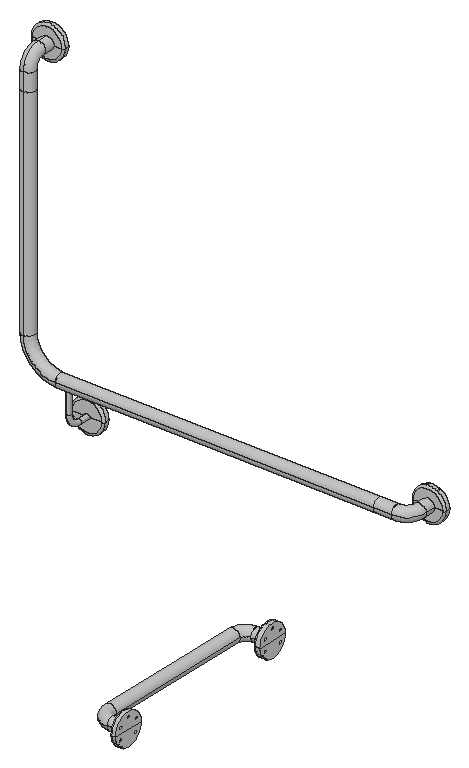
Revit family "rba-bim-rba4090-346", category Plumbing Fixtures, Revit 2015
Parameters (values of type "RBA4090-346")
  Watermarked By = "www.rba.com.au"
  URL = "http://www.rba.com.au/accessible-disabled/grab-rails"
  Phone Number = "1300 788 778"
  OFFSET = 800.00 mm
  Modified Issue = "20170620"
  Model = "RBA4090-346"
  Manufacturer Model = ""
  Manufacturer = "RBA Group"
  Distance Away from Wall = 100.00 mm
  Distance Away from Toilet = 1090.00 mm
  Description = "90° WC Grab Rail Set - Right Hand, 450 Straight"
  Copyrighted by = "RBA Group"  # constant formula
  BAR = Stainless Steel, Satin Finish
  Assembly Code = ""
Reference planes
  plane 1 "Center (Front/Back)": y = 0
  plane 2: z = 0
  plane 3: x = 40.5
  plane 4: z = 800
  plane 5: z = 1500
  plane 6: x = 990.5
  plane 7: z = 700
  plane 8: x = 140.5
  plane 9: x = 1090.5
  plane 10: y = -89
  plane 11: y = -57
  plane 12: y = -1090
  plane 13: y = -1074
Dimensions and locks
  "OFFSET": plane 4 to plane 2
  plane 11 to plane 1 "Center (Front/Back)" = 57.00 mm
  plane 10 to plane 1 "Center (Front/Back)" = 89.00 mm
  "Distance Away from Wall": plane 6 to plane 9
  locked: plane 13 to plane 12 at 16
  "Distance Away from Toilet": plane 12 to plane 1 "Center (Front/Back)"
  aligned and locked: plane 3 to nested 1
  aligned and locked: plane 4 to nested 1
  aligned and locked: nested 2 to plane 9
  aligned and locked: plane 4 to nested 2
  aligned and locked: plane 13 to nested 2
Nested families
  nested 1: "rba-bim-rba4090-911" at (950, 0, 800), type "RBA4090-911"
  nested 2: "rba-bim-rba4000-000" at (1090.5, -2002, 800) x (0, 1, 0) z (0, 0, -1), type "RBA4000-045"
    with Length of Rail 450.00 mm
Definition of nested family "rba-bim-rba4090-911"
  Parameters (values of type "RBA4090-911")
    Watermarked By = "www.rba.com.au"
    URL = "http://www.rba.com.au/accessible-disabled/grab-rails"
    R_Void [instance] = 15.00 mm
    R [instance] = 0.00 mm
    Phone Number = "1300 788 778"
    Model = "RBA4090-911"
    Manufacturer Model = "B819435"
    Manufacturer = "Bobrick"
    Description = "90° Angled Grab Rail"
    Copyrighted by = "RBA Group"  # constant formula
    BAR = none
    Assembly Code = ""
  Reference planes
    plane 1 "Center (Front/Back)": y = 0
    plane 2: z = 0
    plane 3: x = 40.5
    plane 4: z = 670
    plane 5: z = 730
    plane 6: x = -879.5
    plane 7: x = -939.5
    plane 8: z = 700
    plane 9: z = -100
    plane 10: x = 40.5
    plane 11: z = 670
    plane 12: z = 730
    plane 13: x = -939.5
    plane 14: x = -879.5
    plane 15: z = -130
    plane 16: z = -70
    plane 17: x = -839.5
    plane 18: x = -779.5
    plane 19: z = -100
    plane 20: x = -909.5
    plane 21: x = -809.5
    plane 22: z = 700
    plane 23: z = -30
    plane 24: z = 30
    plane 25: x = 70.5
    plane 26: x = 10.5
    plane 27: z = -30
    plane 28: z = 30
    plane 29: x = 10.5
    plane 30: x = 70.5
  Forms (mm)
    Extrusion 1, solid
      sketch origin (-909.5, -2.628, 1015.907) x (0, 0, -1) y (-1, 0, 0)
        loop
          circle (315.907, 0) r 40
      from -0.219 to 2.628
    Revolve 2, solid
      sketch origin (40.5, 18.663, 0) x (0, -1, 0) y (1, 0, 0)
        loop
          line (18.663, 0) -> (18.663, -41.5) -> (27.844, -41.5)
          arc (27.844, -41.5) -> (31.337, -40.077) -> (32.842, -36.617) r 5
          line (32.842, -36.617) -> (33.701, 0) -> (18.663, 0)
        axis (18.663, 0) -> (33.701, 0)
      angle from 0 to 360
    Extrusion 3, void
      sketch origin (-909.5, 34.941, 1015.907) x (0, 0, -1) y (-1, 0, 0)
        loop
          circle (315.907, -30) r 5
        loop
          circle (315.907, 30) r 5
      from -37.788 to -30
    Extrusion 4, solid
      sketch origin (-909.5, -2.628, 1015.907) x (0, 0, -1) y (-1, 0, 0)
        loop
          circle (315.907, 0) r 40
      from -0.219 to 2.628
    Extrusion 5, void
      sketch origin (-909.5, 34.941, 1015.907) x (0, 0, -1) y (-1, 0, 0)
        loop
          circle (315.907, 30) r 5
        loop
          circle (315.907, -30) r 5
      from -37.788 to -30
    Sweep 6, solid
      path origin (40.5, 9.454, 0) x (0, -1, 0) y (1, 0, 0)
        loop
          line (12.302, 0) -> (50.454, 0)
          arc (50.454, 0) -> (73.082, -9.373) -> (82.454, -32) r 32
          line (82.454, -32) -> (82.454, -76)
      profile origin (40.5, -21.924, 0) x (1, 0, 0) y (0, 0, 1)
        loop
          circle (0, 0) r 16
    Extrusion 7, solid
      sketch origin (-909.5, -2.628, 1015.907) x (0, 0, -1) y (-1, 0, 0)
        loop
          circle (315.907, 0) r 40
      from -0.219 to 2.628
    Sweep 8, solid
      path origin (-1609.5, 9.454, 700) x (0, -1, 0) y (0, 0, -1)
        loop
          line (12.302, 0) -> (50.454, 0)
          arc (50.454, 0) -> (73.082, 9.373) -> (82.454, 32) r 32
          line (82.454, 32) -> (82.454, 76)
      profile origin (-1609.5, -21.924, 700) x (0, 0, -1) y (1, 0, 0)
        loop
          circle (0, 700) r 16
    Revolve 9, solid
      sketch origin (-909.5, 18.663, 700) x (0, -1, 0) y (1, 0, 0)
        loop
          line (18.663, 0) -> (18.663, -41.5) -> (27.844, -41.5)
          arc (27.844, -41.5) -> (31.337, -40.077) -> (32.842, -36.617) r 5
          line (32.842, -36.617) -> (33.701, 0) -> (18.663, 0)
        axis (18.663, 0) -> (33.701, 0)
      angle from 0 to 360
    Sweep 10, solid
      path origin (81, 0, 0) x (-1, 0, 0) y (0, 0, 1)
        loop
          line (116.5, 0) -> (910.5, 0)
          arc (910.5, 0) -> (967.069, 23.431) -> (990.5, 80) r 80
          line (990.5, 80) -> (990.5, 624)
      profile origin (-432.5, 0, 0) x (0, 0, -1) y (0, -1, 0)
        loop
          circle (0, 73) r 16
    Extrusion 11, solid
      sketch origin (-809.5, -2.628, 215.907) x (0, 0, -1) y (-1, 0, 0)
        loop
          circle (315.907, 0) r 40
      from -0.219 to 2.628
    Revolve 12, solid
      sketch origin (-809.5, 18.663, -100) x (0, -1, 0) y (1, 0, 0)
        loop
          line (18.663, 0) -> (33.701, 0) -> (32.842, 36.617)
          arc (32.842, 36.617) -> (31.337, 40.077) -> (27.844, 41.5) r 5
          line (27.844, 41.5) -> (18.663, 41.5) -> (18.663, 0)
        axis (18.663, 0) -> (33.701, 0)
      angle from 0 to 360
    Sweep 13, solid
      path origin (-809.5, 9.454, -100) x (0, -1, 0) y (0, 0, 1)
        loop
          line (12.302, 0) -> (50.454, 0)
          arc (50.454, 0) -> (73.082, 9.373) -> (82.454, 32) r 32
          line (82.454, 32) -> (82.454, 100)
      profile origin (-809.5, -21.924, -100) x (0, 0, 1) y (-1, 0, 0)
        loop
          circle (0, 0) r 6
    Extrusion 14, void
      sketch origin (-809.5, 34.941, 215.907) x (0, 0, -1) y (-1, 0, 0)
        loop
          circle (315.907, 30) r 5
        loop
          circle (315.907, -30) r 5
      from -37.788 to -30
    Extrusion 15, solid
      sketch origin (40.5, -2.628, 315.907) x (0, 0, -1) y (-1, 0, 0)
        loop
          circle (315.907, 0) r 40
      from -0.219 to 2.628
    Extrusion 16, void
      sketch origin (40.5, 34.941, 315.907) x (0, 0, -1) y (-1, 0, 0)
        loop
          circle (315.907, -30) r 5
        loop
          circle (315.907, 30) r 5
      from -37.788 to -34.941
    Extrusion 17, solid
      sketch origin (40.5, -2.628, 315.907) x (0, 0, -1) y (-1, 0, 0)
        loop
          circle (315.907, 0) r 40
      from -0.219 to 2.628
    Extrusion 18, void
      sketch origin (40.5, 34.941, 315.907) x (0, 0, -1) y (-1, 0, 0)
        loop
          circle (315.907, 30) r 5
        loop
          circle (315.907, -30) r 5
      from -37.788 to -34.941
    Extrusion 19, solid
      sketch origin (40.5, -2.628, 315.907) x (0, 0, -1) y (-1, 0, 0)
        loop
          circle (315.907, 0) r 40
      from -0.219 to 2.628
  Cuts and joins
    Extrusion 3, Extrusion 5, Extrusion 16, Extrusion 18 cuts Extrusion 1
    Extrusion 5, Extrusion 16, Extrusion 18 cuts Extrusion 4
    Extrusion 3, Extrusion 5, Extrusion 18 cuts Revolve 2
    Extrusion 5, Extrusion 16 cuts Revolve 9
    Extrusion 14 cuts Revolve 12
    joined: Revolve 2, Sweep 6, Sweep 8, Revolve 9, Sweep 10, Revolve 12, Sweep 13
    Extrusion 14 cuts Extrusion 11
    Extrusion 5, Extrusion 16 cuts Extrusion 7
    Extrusion 16 cuts Extrusion 15
    Extrusion 16 cuts Extrusion 17
    Extrusion 16, Extrusion 18 cuts Extrusion 19
  Dimensions and locks
    Revolve 2 sketch curve to Revolve 2 sketch curve = 41.50 mm
    plane 5 to plane 4 to level = 60.00 mm, 670.00 mm
    plane 7 to plane 6 = 60.00 mm
    plane 12 to plane 11 = 60.00 mm
    plane 13 to plane 14 = 60.00 mm
    Revolve 9 sketch curve to Revolve 9 sketch curve = 41.50 mm
    Revolve 12 sketch curve to Revolve 12 sketch curve = 41.50 mm
    plane 16 to plane 15 = 60.00 mm
    plane 17 to plane 18 = 60.00 mm
    plane 22 to plane 2 = 700.00 mm
    plane 10 to plane 20 = 950.00 mm
    plane 21 to plane 20 = 100.00 mm
    plane 2 to plane 19 = 100.00 mm
    plane 24 to plane 23 = 60.00 mm
    plane 26 to plane 25 = 60.00 mm
    plane 28 to plane 27 = 60.00 mm
    plane 29 to plane 30 = 60.00 mm
    radius of Extrusion 1 sketch curve = 40.00 mm
    radius of Extrusion 4 sketch curve = 40.00 mm
    radius of Sweep 6 sketch curve = 16.00 mm
    radius of Extrusion 7 sketch curve = 40.00 mm
    radius of Sweep 8 sketch curve = 16.00 mm
    radius of Extrusion 11 sketch curve = 40.00 mm
    radius of Sweep 13 sketch curve = 6.00 mm
    radius of Extrusion 15 sketch curve = 40.00 mm
    radius of Extrusion 17 sketch curve = 40.00 mm
    radius of Extrusion 19 sketch curve = 40.00 mm
    aligned and locked: Extrusion 1 to Revolve 2
    aligned and locked: Revolve 12 to Extrusion 11
Definition of nested family "rba-bim-rba4000-000"
  Parameters (values of type "RBA4110-923")
    Watermarked By = "www.rba.com.au"
    URL = "http://www.rba.com.au/accessible-disabled/grab-rails"
    Length of Rail = 1500.00 mm
    Phone Number = "1300 788 778"
    Model = "RBA4110-923"
    Manufacturer = "RBA GROUP"
    Description = "90deg Angled Shower Grab Rail"
    Default Elevation = 1219.20 mm
    Copyrighted By = "RBA Group"  # constant formula
    BAR = none
    Assembly Code = ""
  Reference planes
    plane 1 "Center (Front/Back)": y = 0
    plane 2: x = -122
    plane 3: x = 1378
    plane 4: z = 0
    plane 5: through (1334.776, 25.441, -51.059) normal (-0.515, 0, 0.8572)
    plane 6: through (1450.22, 25.441, 99.629) normal (0.8572, 0, 0.515)
    plane 7: through (1403.075, 25.441, 71.301) normal (0.8572, 0, 0.515)
    plane 8: y = -89
    plane 9: y = -57
  Forms (mm)
    Sweep 1, solid
      path origin (1651.954, -750, 0) x (-1, 0, 0) y (0, -1, 0)
        loop
          line (1773.954, -740) -> (1773.954, -711)
          arc (1773.954, -711) -> (1763.996, -686.958) -> (1739.954, -677) r 34
          line (1739.954, -677) -> (305.954, -677)
          arc (305.954, -677) -> (283.327, -686.373) -> (273.954, -709) r 32
          line (273.954, -709) -> (273.954, -740)
      profile origin (629, -73, 0) x (0, 1, 0) y (0, 0, 1)
        loop
          circle (0, 0) r 16
    Extrusion 2, solid
      sketch origin (640.5, -2.628, 315.907) x (0, 0, -1) y (-1, 0, 0)
        loop
          circle (315.907, 762.5) r 37.5
      from -7.372 to 2.628
    Revolve 3, solid
      sketch origin (640.5, 18.663, 0) x (0, -1, 0) y (1, 0, 0)
        loop
          line (18.663, -762.5) -> (33.818, -762.5) -> (33.018, -728.383)
          arc (33.018, -728.383) -> (31.513, -724.923) -> (28.02, -723.5) r 5
          line (28.02, -723.5) -> (18.663, -723.5) -> (18.663, -762.5)
        axis (18.663, -762.5) -> (33.818, -762.5)
      angle from 0 to 360
    Extrusion 4, void
      sketch origin (215.296, 34.941, 270.785) x (0.515038, 0, -0.857167) y (-0.857167, 0, -0.515038)
        loop
          circle (56.376, 401.157) r 5
        loop
          circle (58.388, 456.084) r 5
      from -46.533 to -34.941
    Extrusion 5, solid
      sketch origin (1315.5, -2.628, 315.907) x (0, 0, -1) y (-1, 0, 0)
        loop
          circle (315.907, -62.5) r 37.5
      from -7.372 to 2.628
    Revolve 6, solid
      sketch origin (1315.5, 18.663, 0) x (0, -1, 0) y (1, 0, 0)
        loop
          line (18.663, 62.5) -> (36.046, 62.5) -> (35.246, 96.617)
          arc (35.246, 96.617) -> (33.742, 100.077) -> (30.248, 101.5) r 5
          line (30.248, 101.5) -> (18.663, 101.5) -> (18.663, 62.5)
        axis (18.663, 62.5) -> (36.046, 62.5)
      angle from 0 to 360
    Extrusion 7, void
      sketch origin (1315.296, 34.941, 270.785) x (0.515038, 0, -0.857167) y (-0.857167, 0, -0.515038)
        loop
          circle (264.403, 58.217) r 5
        loop
          circle (264.403, 113.217) r 5
      from -44.941 to -34.941
    Extrusion 8, void
      sketch origin (978, 0, 1415.907) x (0, 0, 1) y (-1, 0, 0)
        loop
          circle (-1430.457, -424.215) r 5
        loop
          circle (-1401.357, -375.785) r 5
        loop
          circle (-1444.157, -400) r 5
      from 0 to 5
    Extrusion 9, void
      sketch origin (815.5, 0, 1415.907) x (0, 0, 1) y (-1, 0, 0)
        loop
          circle (-1430.457, 913.285) r 5
        loop
          circle (-1444.157, 937.5) r 5
        loop
          circle (-1401.357, 961.715) r 5
      from 0 to 5
  Cuts and joins
    Extrusion 4, Extrusion 9 cuts Extrusion 2
    Extrusion 4, Extrusion 9 cuts Revolve 3
    Extrusion 7, Extrusion 8 cuts Extrusion 5
    Extrusion 7, Extrusion 8 cuts Revolve 6
  Dimensions and locks
    locked: Revolve 3 sketch curve to Revolve 3 sketch curve at 39
    locked: Revolve 6 sketch curve to Revolve 6 sketch curve at 39
    plane 7 to plane 6 = 55.00 mm
    locked: plane 3 to Extrusion 5 sketch curve
    locked: Extrusion 5 sketch curve to plane 4
    locked: Extrusion 8 sketch curve to plane 3 at 24.215
    locked: Extrusion 8 sketch curve to plane 4 at 14.55
    locked: plane 3 to Extrusion 7 sketch curve at 23.572
    locked: Extrusion 7 sketch curve to plane 4 at 14.164
    plane 1 "Center (Front/Back)" to Revolve 6 sketch curve = 17.383 mm
    locked: Extrusion 2 sketch curve to plane 2
    locked: Extrusion 2 sketch curve to plane 4 at 0
    locked: plane 2 to Extrusion 9 sketch curve at 24.215
    locked: plane 4 to Extrusion 9 sketch curve at 14.55
    locked: Extrusion 8 sketch curve to plane 3 at 0
    locked: plane 3 to Extrusion 8 sketch curve at 24.215
    locked: Extrusion 8 sketch curve to plane 4 at 28.25
    locked: plane 4 to Extrusion 8 sketch curve at 14.55
    locked: plane 4 to Extrusion 7 sketch curve at 14.164
    locked: Extrusion 7 sketch curve to plane 3 at 23.572
    locked: Revolve 6 sketch curve to plane 3 at 34.117
    plane 1 "Center (Front/Back)" to Revolve 6 sketch curve = 16.583 mm
    locked: plane 1 "Center (Front/Back)" to cut or joined group of Revolve 6, Extrusion 7, Extrusion 8 at 0
    locked: plane 1 "Center (Front/Back)" to plane 9 at 57
    locked: plane 1 "Center (Front/Back)" to plane 8 at 89
    locked: level to Sweep 1 sketch curve at 0
    equal spacing: plane 9, profile plane, plane 8
    equal spacing: plane 8, Sweep 1 sketch curve, plane 9
    "Length of Rail": plane 3 to plane 2
    radius of Sweep 1 sketch curve = 16.00 mm
    aligned and locked: Extrusion 2 to Revolve 3
    aligned and locked: Extrusion 5 to Revolve 6
    aligned and locked: Extrusion 2 to Extrusion 4
    aligned and locked: Extrusion 5 to Extrusion 7
    aligned and locked: Sweep 1 to Extrusion 7
    aligned and locked: plane 3 to Sweep 1 sketch curve
    aligned and locked: cut or joined group of Extrusion 5, Extrusion 7, Extrusion 8 to Sweep 1 sketch curve
    aligned and locked: Sweep 1 sketch curve to plane 2
    aligned and locked: cut or joined group of Extrusion 2, Extrusion 4, Extrusion 9 to Sweep 1 sketch curve
    aligned and locked: Revolve 3 sketch curve to plane 2  (x2)
  Automatic sketch dimensions
    Sweep 1 sketch curve to plane 9 = 16.00 mm
    Sweep 1 sketch curve to plane 9 = 18.00 mm
    Sweep 1 sketch curve to profile plane = 0.00 mm
    plane 1 "Center (Front/Back)" to Revolve 3 sketch curve = 0.00 mm
    plane 1 "Center (Front/Back)" to Revolve 3 sketch curve = 9.356 mm
    Revolve 3 sketch curve to Revolve 3 sketch curve = 4.999 mm
    plane 1 "Center (Front/Back)" to Revolve 3 sketch curve = 15.155 mm
    Revolve 3 sketch curve to Revolve 3 sketch curve = 5.00 mm
    Revolve 3 sketch curve to Revolve 3 sketch curve = 21.537 mm
    Revolve 3 sketch curve to plane 9 = 13.537 mm
    level to Extrusion 4 sketch curve = 15.85 mm
    plane 2 to Extrusion 4 sketch curve = 22.473 mm
    Extrusion 4 sketch curve to Extrusion 4 sketch curve = 2.012 mm
    Extrusion 4 sketch curve to Extrusion 4 sketch curve = 54.926 mm
    Revolve 6 sketch curve to plane 3 = 0.00 mm  (x2)
    plane 1 "Center (Front/Back)" to Revolve 6 sketch curve = 0.00 mm
    Revolve 6 sketch curve to Revolve 6 sketch curve = 4.999 mm
    Revolve 6 sketch curve to plane 1 "Center (Front/Back)" = 21.537 mm
    Revolve 6 sketch curve to plane 9 = 13.537 mm
    Extrusion 9 sketch curve to plane 2 = 0.00 mm
    Extrusion 9 sketch curve to level = 14.55 mm
    Extrusion 9 sketch curve to Extrusion 9 sketch curve = 13.70 mm
    plane 2 to Extrusion 9 sketch curve = 24.215 mm
    radius of Extrusion 2 sketch curve = 37.50 mm
    radius of Extrusion 4 sketch curve = 5.00 mm  (x2)
    radius of Extrusion 5 sketch curve = 37.50 mm
    radius of Extrusion 7 sketch curve = 5.00 mm  (x2)
    radius of Extrusion 8 sketch curve = 5.00 mm  (x3)
    radius of Extrusion 9 sketch curve = 5.00 mm  (x3)
  Nested families
    nested 1: "FamilyID" at (1.5, 0, 0), type "FamilyID"
  Definition of nested family "FamilyID"
    Reference planes
      plane 1: y = 0
      plane 2: x = 0
    Text (mm)
      text "RBA COPYRIGHT" at (0.001, 0.001, 0)
